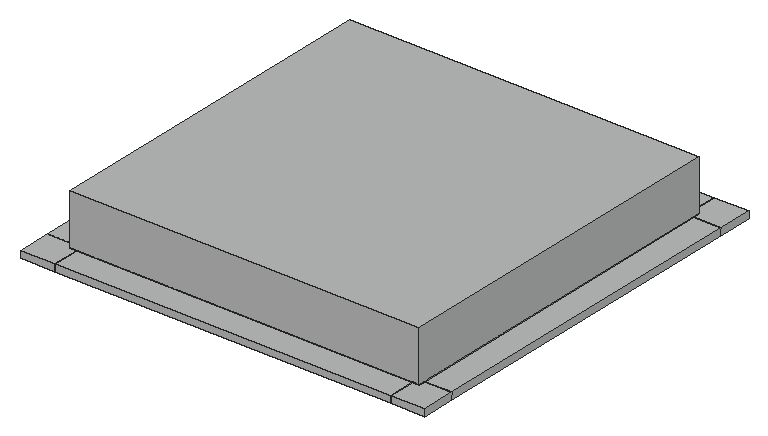
Revit family "ALUMOGIPS", category Осветительные приборы, Revit 2019 (continued)
Types (72, lengths in mm): name | Файл фотометрической сетки | built-in parameter 1150105 | Lumens | built-in parameter 1150106 | built-in parameter 1150142 | Wattage | Emit from Rectangle Width | Emit from Rectangle Length | Длина | Материал светильника | Ширина | ADSK_Ток | ADSK_Полная мощность | ADSK_Обозначение | ADSK_Номинальная мощность | ADSK_Наименование | ADSK_Масса | ADSK_Код изделия
    .002 1342.947 1322.522 1300.026 1275.261 1248.621 1220.205 1189.817 1157.849 1124.598 1089.670 \r\n1053.460 1016.065 977.881 938.119 898.060 856.917 815.575 773.149 730.722 687.901 644.390 600.877 557.168 513.262 470.046 426.534 383.121 340.497 298.761 257.814 218.151 179.473 \r\n140.501 105.672 72.816 41.835 13.714 0.592 0.592 0.493 0.493 0.493 0.493 0.493 0.493 0.493 0.493 0.395 0.395 0.395 0.395 0.395 0.395 0.395 0.395 0.296 0.296 0.296 0.296 0.296 0.296 0.296 0.296 0.197 \r\n0.197 0.197 0.197 0.197 0.197 0.197 0.197 0.098 0.098 0.098 0.098 0.098 0.098 0.098 0.098 0.000 0.000 0.000 0.000 \r\n1417.637 1417.341 1413.986 1408.461 1400.271 1389.715 1376.789 1360.608 1342.552 1322.128 1299.632 1274.768 1248.128 1219.614 1189.224 1157.256 1123.907 1088.980 \r\n1052.868 1015.374 977.191 937.428 897.369 856.127 814.884 772.458 730.032 687.211 643.698 600.187 556.577 512.670 469.454 425.942 382.529 340.004 298.268 257.321 217.756 179.080 \r\n140.204 105.376 72.520 41.538 13.517 0.592 0.592 0.493 0.493 0.493 0.493 0.493 0.493 0.493 0.493 0.395 0.395 0.395 0.395 0.395 0.395 0.395 0.395 0.296 0.296 0.296 0.296 0.296 0.296 0.296 0.296 0.197 \r\n0.197 0.197 0.197 0.197 0.197 0.197 0.197 0.098 0.098 0.098 0.098 0.098 0.098 0.098 0.098 0.000 0.000 0.000 0.000 \r\n1417.637 1417.242 1413.789 1408.362 1400.075 1389.517 1376.394 1360.311 1342.157 1321.733 1299.138 1274.274 1247.536 1219.022 1188.632 1156.566 1123.315 1088.388 \r\n1052.177 1014.684 976.500 936.738 896.581 855.436 814.194 771.768 729.341 686.519 643.107 599.496 555.885 512.078 468.862 425.449 382.035 339.511 297.873 256.926 217.362 178.685 \r\n139.909 105.079 72.223 41.341 13.221 0.592 0.592 0.493 0.493 0.493 0.493 0.493 0.493 0.493 0.493 0.395 0.395 0.395 0.395 0.395 0.395 0.395 0.395 0.296 0.296 0.296 0.296 0.296 0.296 0.296 0.296 0.197 \r\n0.197 0.197 0.197 0.197 0.197 0.197 0.197 0.098 0.098 0.098 0.098 0.098 0.098 0.098 0.098 0.000 0.000 0.000 0.000 \r\n1417.637 1417.242 1413.690 1408.165 1399.877 1389.220 1376.098 1359.917 1341.762 1321.339 1298.645 1273.781 1247.043 1218.528 1188.041 1155.974 1122.723 1087.697 \r\n1051.487 1013.993 975.810 936.046 895.889 854.746 813.503 771.077 728.650 685.829 642.416 598.904 555.294 511.486 468.270 424.857 381.542 339.018 297.380 256.533 216.967 178.389 \r\n139.613 104.882 72.026 41.143 13.024 0.592 0.592 0.493 0.493 0.493 0.493 0.493 0.493 0.493 0.493 0.395 0.395 0.395 0.395 0.395 0.395 0.395 0.395 0.296 0.296 0.296 0.296 0.296 0.296 0.296 0.296 0.197 \r\n0.197 0.197 0.197 0.197 0.197 0.197 0.197 0.098 0.098 0.098 0.098 0.098 0.098 0.098 0.098 0.000 0.000 0.000 0.000 \r\n1417.637 1417.143 1413.592 1407.967 1399.580 1388.925 1375.803 1359.523 1341.367 1320.845 1298.250 1273.288 1246.550 1217.936 1187.448 1155.382 1122.032 1087.105 \r\n1050.894 1013.401 975.119 935.356 895.199 854.055 812.813 770.386 727.959 685.138 641.725 598.213 554.603 510.795 467.678 424.265 380.951 338.524 296.887 256.038 216.573 177.994 \r\n139.218 104.586 71.730 40.848 12.826 0.592 0.592 0.493 0.493 0.493 0.493 0.493 0.493 0.493 0.493 0.395 0.395 0.395 0.395 0.395 0.395 0.395 0.395 0.296 0.296 0.296 0.296 0.296 0.296 0.296 0.296 0.197 \r\n0.197 0.197 0.197 0.197 0.197 0.197 0.197 0.098 0.098 0.098 0.098 0.098 0.098 0.098 0.098 0.000 0.000 0.000 0.000 \r\n1417.637 1417.143 1413.492 1407.869 1399.383 1388.629 1375.506 1359.226 1340.973 1320.451 1297.757 1272.795 1246.056 1217.443 1186.856 1154.790 1121.441 1086.414 \r\n1050.204 1012.711 974.428 934.665 894.508 853.365 812.122 769.695 727.269 684.448 641.134 597.523 554.011 510.203 467.086 423.772 380.457 338.031 296.492 255.645 216.178 177.599 \r\n138.922 104.291 71.533 40.650 12.629 0.592 0.592 0.592 0.493 0.493 0.493 0.493 0.493 0.493 0.493 0.395 0.395 0.395 0.395 0.395 0.395 0.395 0.395 0.296 0.296 0.296 0.296 0.296 0.296 0.296 0.296 0.197 \r\n0.197 0.197 0.197 0.197 0.197 0.197 0.197 0.098 0.098 0.098 0.098 0.098 0.098 0.098 0.098 0.000 0.000 0.000 0.000 \r\n1417.637 1417.044 1413.394 1407.671 1399.187 1388.333 1375.111 1358.832 1340.578 1320.056 1297.264 1272.301 1245.464 1216.851 1186.264 1154.099 1120.849 1085.822 \r\n1049.513 1012.020 973.737 933.975 893.818 852.575 811.432 769.004 726.578 683.855 640.443 596.930 553.321 509.611 466.494 423.180 379.964 337.537 295.999 255.250 215.783 177.304 \r\n138.626 103.994 71.237 40.453 12.333 0.592 0.592 0.592 0.493 0.493 0.493 0.493 0.493 0.493 0.493 0.395 0.395 0.395 0.395 0.395 0.395 0.395 0.395 0.296 0.296 0.296 0.296 0.296 0.296 0.296 0.296 0.197 \r\n0.197 0.197 0.197 0.197 0.197 0.197 0.197 0.098 0.098 0.098 0.098 0.098 0.098 0.098 0.098 0.000 0.000 0.000 0.000 \r\n1417.637 1417.044 1413.295 1407.474 1398.890 1388.135 1374.815 1358.437 1340.184 1319.661 1296.869 1271.808 1244.971 1216.258 1185.673 1153.507 1120.158 1085.131 \r\n1048.823 1011.329 973.046 933.284 893.127 851.884 810.741 768.314 725.888 683.165 639.752 596.240 552.728 509.019 465.902 422.686 379.371 337.044 295.505 254.757 215.388 176.909 \r\n138.232 103.698 70.942 40.157 12.136 0.592 0.592 0.592 0.493 0.493 0.493 0.493 0.493 0.493 0.493 0.395 0.395 0.395 0.395 0.395 0.395 0.395 0.395 0.296 0.296 0.296 0.296 0.296 0.296 0.296 0.296 0.197 \r\n0.197 0.197 0.197 0.197 0.197 0.197 0.197 0.098 0.098 0.098 0.098 0.098 0.098 0.098 0.098 0.000 0.000 0.000 0.000 \r\n1417.637 1416.946 1413.197 1407.376 1398.693 1387.839 1374.520 1358.042 1339.789 1319.168 1296.376 1271.315 1244.477 1215.765 1185.179 1152.915 1119.566 1084.539 \r\n1048.230 1010.638 972.356 932.594 892.436 851.194 810.050 767.623 725.197 682.474 639.160 595.649 552.038 508.427 465.310 422.094 378.878 336.550 295.111 254.362 214.895 176.514 \r\n137.935 103.403 70.744 39.960 11.939 0.592 0.592 0.592 0.493 0.493 0.493 0.493 0.493 0.493 0.493 0.395 0.395 0.395 0.395 0.395 0.395 0.395 0.395 0.296 0.296 0.296 0.296 0.296 0.296 0.296 0.296 0.197 \r\n0.197 0.197 0.197 0.197 0.197 0.197 0.197 0.098 0.098 0.098 0.098 0.098 0.098 0.098 0.098 0.000 0.000 0.000 0.000 \r\n1417.637 1416.946 1413.098 1407.178 1398.495 1387.544 1374.223 1357.747 1339.395 1318.773 1295.882 1270.822 1243.886 1215.174 1184.587 1152.323 1118.974 1083.848 \r\n1047.540 1009.947 971.665 931.903 891.746 850.503 809.359 766.933 724.507 681.784 638.470 594.958 551.445 507.836 464.718 421.502 378.287 336.057 294.617 253.967 214.500 176.119 \r\n137.640 103.106 70.447 39.762 11.741 0.592 0.592 0.592 0.493 0.493 0.493 0.493 0.493 0.493 0.493 0.395 0.395 0.395 0.395 0.395 0.395 0.395 0.395 0.296 0.296 0.296 0.296 0.296 0.296 0.296 0.296 0.197 \r\n0.197 0.197 0.197 0.197 0.197 0.197 0.197 0.098 0.098 0.098 0.098 0.098 0.098 0.098 0.098 0.000 0.000 0.000 0.000 \r\n1417.637 1416.848 1412.999 1407.079 1398.298 1387.247 1373.829 1357.352 1339.000 1318.378 1295.488 1270.327 1243.392 1214.680 1183.995 1151.731 1118.283 1083.257 \r\n1046.849 1009.257 970.975 931.113 891.055 849.813 808.668 766.242 723.914 681.093 637.779 594.266 550.755 507.145 464.126 421.009 377.793 335.564 294.222 253.474 214.105 175.823 \r\n137.343 102.810 70.250 39.467 11.445 0.592 0.592 0.592 0.493 0.493 0.493 0.493 0.493 0.493 0.493 0.395 0.395 0.395 0.395 0.395 0.395 0.395 0.395 0.296 0.296 0.296 0.296 0.296 0.296 0.296 0.296 0.197 \r\n0.197 0.197 0.197 0.197 0.197 0.197 0.197 0.098 0.098 0.098 0.098 0.098 0.098 0.098 0.098 0.000 0.000 0.000 0.000 \r\n1417.637 1416.848 1412.901 1406.882 1398.002 1387.051 1373.533 1356.957 1338.605 1317.983 1294.994 1269.834 1242.899 1214.089 1183.403 1151.041 1117.692 1082.665 \r\n1046.257 1008.566 970.284 930.423 890.266 849.121 807.978 765.552 723.224 680.403 637.187 593.675 550.163 506.553 463.534 420.416 377.300 335.071 293.729 253.079 213.712 175.429 \r\n136.949 102.515 69.954 39.269 11.248 0.592 0.592 0.592 0.493 0.493 0.493 0.493 0.493 0.493 0.493 0.395 0.395 0.395 0.395 0.395 0.395 0.395 0.395 0.296 0.296 0.296 0.296 0.296 0.296 0.296 0.296 0.197 \r\n0.197 0.197 0.197 0.197 0.197 0.197 0.197 0.098 0.098 0.098 0.098 0.098 0.098 0.098 0.098 0.000 0.000 0.000 0.000 \r\n1417.637 1416.749 1412.802 1406.684 1397.805 1386.754 1373.237 1356.661 1338.210 1317.589 1294.599 1269.341 1242.406 1213.496 1182.811 1150.448 1117.099 1081.974 \r\n1045.566 1007.974 969.593 929.732 889.575 848.333 807.287 764.861 722.533 679.712 636.496 592.985 549.472 505.960 462.942 419.825 376.707 334.577 293.236 252.684 213.317 175.034 \r\n136.652 102.218 69.659 39.072 11.051 0.592 0.592 0.592 0.493 0.493 0.493 0.493 0.493 0.493 0.493 0.395 0.395 0.395 0.395 0.395 0.395 0.395 0.395 0.296 0.296 0.296 0.296 0.296 0.296 0.296 0.296 0.197 \r\n0.197 0.197 0.197 0.197 0.197 0.197 0.197 0.098 0.098 0.098 0.098 0.098 0.098 0.098 0.098 0.000 0.000 0.000 0.000 \r\n1417.637 1416.749 1412.704 1406.586 1397.607 1386.458 1372.941 1356.266 1337.815 1317.095 1294.106 1268.848 1241.813 1213.003 1182.219 1149.856 1116.409 1081.382 \r\n1044.876 1007.283 968.902 929.042 888.885 847.642 806.597 764.170 721.843 679.120 635.806 592.293 548.881 505.368 462.351 419.332 376.214 334.084 292.841 252.191 212.922 174.738 \r\n136.357 101.922 69.461 38.776 10.853 0.592 0.592 0.592 0.493 0.493 0.493 0.493 0.493 0.493 0.493 0.395 0.395 0.395 0.395 0.395 0.395 0.395 0.395 0.296 0.296 0.296 0.296 0.296 0.296 0.296 0.296 0.197 \r\n0.197 0.197 0.197 0.197 0.197 0.197 0.197 0.098 0.098 0.098 0.098 0.098 0.098 0.098 0.098 0.000 0.000 0.000 0.000 \r\n1417.637 1416.650 1412.604 1406.389 1397.311 1386.162 1372.546 1355.871 1337.421 1316.701 1293.613 1268.355 1241.320 1212.411 1181.627 1149.265 1115.816 1080.691 \r\n1044.284 1006.593 968.212 928.351 888.194 846.951 805.906 763.479 721.151 678.429 635.213 591.702 548.190 504.777 461.758 418.740 375.721 333.591 292.348 251.796 212.527 174.343 \r\n135.962 101.627 69.165 38.579 10.557 0.592 0.592 0.592 0.493 0.493 0.493 0.493 0.493 0.493 0.493 0.395 0.395 0.395 0.395 0.395 0.395 0.395 0.395 0.296 0.296 0.296 0.296 0.296 0.296 0.296 0.296 0.197 \r\n0.197 0.197 0.197 0.197 0.197 0.197 0.197 0.098 0.098 0.098 0.098 0.098 0.098 0.098 0.098 0.000 0.000 0.000 0.000 \r\n1417.637 1416.650 1412.506 1406.191 1397.114 1385.866 1372.250 1355.576 1337.027 1316.307 1293.218 1267.861 1240.827 1211.918 1181.035 1148.672 1115.225 1080.099 \r\n1043.593 1005.902 967.620 927.660 887.503 846.260 805.215 762.789 720.461 677.739 634.523 591.011 547.598 504.086 461.166 418.247 375.129 333.098 291.855 251.401 212.132 173.948 \r\n135.666 101.429 68.968 38.381 10.360 0.592 0.592 0.592 0.493 0.493 0.493 0.493 0.493 0.493 0.493 0.493 0.395 0.395 0.395 0.395 0.395 0.395 0.395 0.296 0.296 0.296 0.296 0.296 0.296 0.296 0.296 0.197 \r\n0.197 0.197 0.197 0.197 0.197 0.197 0.197 0.098 0.098 0.098 0.098 0.098 0.098 0.098 0.098 0.000 0.000 0.000 0.000 \r\n1417.637 1416.650 1412.407 1406.093 1396.917 1385.669 1371.954 1355.181 1336.632 1315.912 1292.725 1267.368 1240.334 1211.325 1180.443 1147.982 1114.633 1079.409 \r\n1042.903 1005.212 966.929 926.969 886.812 845.569 804.524 762.098 719.770 677.048 633.832 590.320 546.907 503.494 460.574 417.654 374.636 332.603 291.460 250.908 211.738 173.653 \r\n135.371 101.133 68.671 38.086 10.163 0.592 0.592 0.592 0.493 0.493 0.493 0.493 0.493 0.493 0.493 0.493 0.395 0.395 0.395 0.395 0.395 0.395 0.395 0.296 0.296 0.296 0.296 0.296 0.296 0.296 0.296 0.197 \r\n0.197 0.197 0.197 0.197 0.197 0.197 0.197 0.098 0.098 0.098 0.098 0.098 0.098 0.098 0.098 0.000 0.000 0.000 0.000 \r\n1417.637 1416.551 1412.309 1405.895 1396.621 1385.373 1371.559 1354.786 1336.237 1315.419 1292.232 1266.875 1239.742 1210.733 1179.851 1147.390 1113.942 1078.816 \r\n1042.310 1004.521 966.238 926.279 886.121 844.879 803.834 761.408 719.080 676.357 633.240 589.728 546.315 502.902 459.982 417.062 374.043 332.110 290.967 250.513 211.343 173.258 \r\n135.074 100.837 68.376 37.888 9.965 0.592 0.592 0.592 0.493 0.493 0.493 0.493 0.493 0.493 0.493 0.493 0.395 0.395 0.395 0.395 0.395 0.395 0.395 0.296 0.296 0.296 0.296 0.296 0.296 0.296 0.296 0.197 \r\n0.197 0.197 0.197 0.197 0.197 0.197 0.197 0.098 0.098 0.098 0.098 0.098 0.098 0.098 0.098 0.000 0.000 0.000 0.000 \r\n1417.637 1416.551 1412.111 1405.796 1396.423 1385.077 1371.264 1354.391 1335.842 1315.024 1291.837 1266.382 1239.248 1210.240 1179.259 1146.798 1113.350 1078.126 \r\n1041.620 1003.831 965.548 925.588 885.431 844.090 803.143 760.717 718.389 675.666 632.549 589.038 545.723 502.310 459.390 416.569 373.550 331.617 290.474 250.119 210.948 172.863 \r\n134.679 100.541 68.178 37.591 9.669 0.592 0.592 0.592 0.493 0.493 0.493 0.493 0.493 0.493 0.493 0.493 0.395 0.395 0.395 0.395 0.395 0.395 0.395 0.296 0.296 0.296 0.296 0.296 0.296 0.296 0.296 0.197 \r\n0.197 0.197 0.197 0.197 0.197 0.197 0.197 0.098 0.098 0.098 0.098 0.098 0.098 0.098 0.098 0.000 0.000 0.000 0.000 \r\n1417.637 1416.453 1412.013 1405.600 1396.226 1384.781 1370.968 1354.095 1335.448 1314.629 1291.344 1265.888 1238.754 1209.648 1178.667 1146.206 1112.758 1077.534 \r\n1040.929 1003.140 964.857 924.898 884.740 843.400 802.453 760.026 717.698 674.976 631.859 588.446 545.032 501.718 458.798 415.977 373.057 331.124 290.079 249.625 210.553 172.567 \r\n134.383 100.245 67.883 37.394 9.472 0.592 0.592 0.592 0.493 0.493 0.493 0.493 0.493 0.493 0.493 0.493 0.395 0.395 0.395 0.395 0.395 0.395 0.395 0.296 0.296 0.296 0.296 0.296 0.296 0.296 0.296 0.197 \r\n0.197 0.197 0.197 0.197 0.197 0.197 0.197 0.098 0.098 0.098 0.098 0.098 0.098 0.098 0.098 0.000 0.000 0.000 0.000 \r\n1417.637 1416.453 1411.914 1405.402 1395.930 1384.583 1370.671 1353.701 1335.053 1314.234 1290.850 1265.395 1238.261 1209.155 1178.075 1145.515 1112.067 1076.844 \r\n1040.239 1002.548 964.167 924.207 883.951 842.708 801.762 759.336 717.008 674.383 631.267 587.755 544.441 501.126 458.206 415.385 372.465 330.631 289.585 249.231 210.160 172.172 \r\n134.088 99.949 67.685 37.198 9.275 0.592 0.592 0.592 0.493 0.493 0.493 0.493 0.493 0.493 0.493 0.493 0.395 0.395 0.395 0.395 0.395 0.395 0.395 0.296 0.296 0.296 0.296 0.296 0.296 0.296 0.296 0.197 \r\n0.197 0.197 0.197 0.197 0.197 0.197 0.197 0.098 0.098 0.098 0.098 0.098 0.098 0.098 0.098 0.000 0.000 0.000 0.000 \r\n1417.637 1416.354 1411.816 1405.303 1395.733 1384.288 1370.276 1353.307 1334.658 1313.741 1290.456 1264.901 1237.669 1208.563 1177.582 1144.923 1111.476 1076.252 \r\n1039.646 1001.857 963.476 923.417 883.260 842.018 801.072 758.644 716.317 673.693 630.576 587.064 543.749 500.435 457.614 414.891 371.972 330.137 289.191 248.836 209.765 171.778 \r\n133.693 99.653 67.389 36.901 9.077 0.592 0.592 0.592 0.493 0.493 0.493 0.493 0.493 0.493 0.493 0.493 0.395 0.395 0.395 0.395 0.395 0.395 0.395 0.296 0.296 0.296 0.296 0.296 0.296 0.296 0.296 0.197 \r\n0.197 0.197 0.197 0.197 0.197 0.197 0.197 0.098 0.098 0.098 0.098 0.098 0.098 0.098 0.098 0.000 0.000 0.000 0.000 \r\n1417.637 1416.453 1411.914 1405.402 1395.930 1384.583 1370.671 1353.701 1335.053 1314.234 1290.850 1265.395 1238.261 1209.155 1178.075 1145.515 1112.067 1076.844 \r\n1040.239 1002.548 964.167 924.207 883.951 842.708 801.762 759.336 717.008 674.383 631.267 587.755 544.441 501.126 458.206 415.385 372.465 330.631 289.585 249.231 210.160 172.172 \r\n134.088 99.949 67.685 37.198 9.275 0.592 0.592 0.592 0.493 0.493 0.493 0.493 0.493 0.493 0.493 0.493 0.395 0.395 0.395 0.395 0.395 0.395 0.395 0.296 0.296 0.296 0.296 0.296 0.296 0.296 0.296 0.197 \r\n0.197 0.197 0.197 0.197 0.197 0.197 0.197 0.098 0.098 0.098 0.098 0.098 0.098 0.098 0.098 0.000 0.000 0.000 0.000 \r\n1417.637 1416.453 1412.013 1405.600 1396.226 1384.781 1370.968 1354.095 1335.448 1314.629 1291.344 1265.888 1238.754 1209.648 1178.667 1146.206 1112.758 1077.534 \r\n1040.929 1003.140 964.857 924.898 884.740 843.400 802.453 760.026 717.698 674.976 631.859 588.446 545.032 501.718 458.798 415.977 373.057 331.124 290.079 249.625 210.553 172.567 \r\n134.383 100.245 67.883 37.394 9.472 0.592 0.592 0.592 0.493 0.493 0.493 0.493 0.493 0.493 0.493 0.493 0.395 0.395 0.395 0.395 0.395 0.395 0.395 0.296 0.296 0.296 0.296 0.296 0.296 0.296 0.296 0.197 \r\n0.197 0.197 0.197 0.197 0.197 0.197 0.197 0.098 0.098 0.098 0.098 0.098 0.098 0.098 0.098 0.000 0.000 0.000 0.000 \r\n1417.637 1416.551 1412.111 1405.796 1396.423 1385.077 1371.264 1354.391 1335.842 1315.024 1291.837 1266.382 1239.248 1210.240 1179.259 1146.798 1113.350 1078.126 \r\n1041.620 1003.831 965.548 925.588 885.431 844.090
